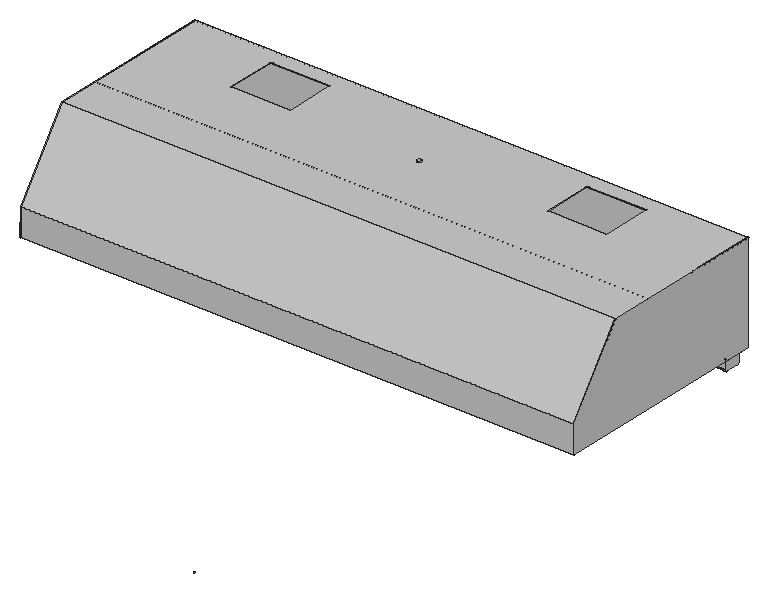
Revit family "QF_ELECTROLUXPROFESSIONAL_644237_ABPV1128DT", category Attrezzature speciali, Revit 2021
Family settings
  Quota connettore circolare = Usa diametro
  Tipo di parte = Normale
  Basato su piano di lavoro = No
  Sempre verticale = Sì
  Taglio con vuoti quando caricato = No
  Condiviso = No
  Punto di calcolo locali = No
Parameters (values of type "Standard")
  Weight = 100.00 kg
  Watts = 840 W
  Volts = 220 V
  URL Manufacturer = "https://www.electroluxprofessional.com/"
  URL = "https://www.electroluxprofessional.com/"
  Steam Supply Size = 0 mm
  Steam Supply Minimum Pressure = 0.0 Pa
  Steam Supply Maximum Pressure = 0.0 Pa
  Steam Consumption per Hour = 0
  Refrigeration Suction Line Size = 0 mm
  Refrigeration Liquid Line Size = 0 mm
  Refrigerant Compressor Remote = yes
  Prospetto di default = 0 mm
  Produttore = "Electrolux Professional"
  Phase = 1
  Modello = "ABPV1128DT"
  Length Actual = 2800 mm  # constant formula
  Item Number = "644237"
  Hot Water Size = 0 mm
  Height Actual = 500 mm  # constant formula
  HP = "1.1 HP"
  Gas Size = 0 mm
  Gas KW = 0
  Gas Input Pressure = 0 W
  Direct Waste Size = 0 mm
  Descrizione = "304 S/S WALL HOOD+FILTER+FAN 2800X1100MM"
  Depth Actual = 1100 mm  # constant formula
  Cycle = 50 Hz
  Condensate Return Size = 0 mm
  Compressed Air Volume = 0.0 L/s
  Compressed Air Size = 0 mm
  Compressed Air Pressure = 0.0 Pa
  Cold Water Size = 0 mm
  Accessory = yes
Reference planes
  plane 1 "Center (Front/Back)": y = 0
  plane 2: z = 0
  plane 3 "Center (Left/Right)": x = 150
  plane 4 "LEFT": x = -1250
  plane 5 "RIGHT": x = 1550
  plane 6 "BACK": y = 550
  plane 7 "FRONT": y = -550
  plane 8 "TOP": z = 2500
  plane 9 "Base": z = 2000
  plane 10: z = 1926
  plane 11 "DrainY": y = 485
  plane 12: x = -1247
  plane 13: through (0, 414.509, 2000.8) normal (0, 0.7314, 0.682)
  plane 14: y = 470
  plane 15: y = 220
  plane 16 "DrainX": x = 1430
  plane 17: x = -500
  plane 18: x = 800
  plane 19: x = -800
  plane 20: x = 1100
  plane 21: x = 1547
  plane 22: x = 1340
  plane 23: x = 1520
  plane 24: x = -1210
  plane 25: x = -845
  plane 26: x = -450
  plane 27: x = 1510
  plane 28: x = 1145
  plane 29: x = 750
  plane 30: z = 2140
  plane 31: y = -290
Forms (mm)
  Extrusion 1, solid, material "QF_Finishes_Stainless Steel"
    sketch origin (-1250, 0, 360) x (0, 1, 0) y (0, 0, 1)
      loop
        line (550, 1640) -> (550, 2140) -> (-290, 2140) -> (-550, 1780) -> (-550, 1640) -> (550, 1640)
    from 0 to 3
  Extrusion 2, solid, material "QF_Finishes_Stainless Steel"
    sketch origin (150, 0, 360) x (0, 1, 0) y (0, 0, 1)
      loop
        line (415.255, 1640) -> (550, 1640) -> (550, 2139.19) -> (549.2, 2139.19) -> (549.2, 1640.8) -> (415.876, 1640.8) -> (339.347, 1722.867) -> (349.609, 1732.436) -> (348.927, 1733.167) -> (337.934, 1722.917) -> (415.255, 1640)
      loop
        line (-82.203, 2139.19) -> (-82.203, 2118.6) -> (-31.047, 2118.6) -> (34.354, 2048.466) -> (46.028, 2059.352) -> (45.346, 2060.083) -> (34.403, 2049.879) -> (-30.612, 2119.6) -> (-81.203, 2119.6) -> (-81.203, 2139.19) -> (-82.203, 2139.19)
    from -1397 to 1397
  Extrusion 3, solid, material "QF_Finishes_Stainless Steel"
    sketch origin (1550, 0, 360) x (0, 1, 0) y (0, 0, 1)
      loop
        line (550, 1640) -> (550, 2140) -> (-290, 2140) -> (-550, 1780) -> (-550, 1640) -> (550, 1640)
    from 0 to -3
  Extrusion 4, solid, material "QF_Finishes_Stainless Steel"
    sketch origin (150, 0, 360) x (0, 1, 0) y (0, 0, 1)
      loop
        line (550, 2139.19) -> (550, 2140) -> (-290, 2140) -> (-550, 1780) -> (-550, 1640) -> (-549.2, 1640) -> (-549.2, 1779.741) -> (-289.598, 2139.19) -> (550, 2139.19)
    from -1400 to 1400
  Extrusion 5, solid, material "QF_Finishes_Stainless Steel"
    sketch origin (150, 0, 360) x (0, 1, 0) y (0, 0, 1)
      loop
        line (534, 1640) -> (436, 1640) -> (436, 1627) -> (443.5, 1627) -> (443.5, 1576)
        arc (443.5, 1576) -> (446.429, 1568.929) -> (453.5, 1566) r 10
        line (453.5, 1566) -> (516.5, 1566)
        arc (516.5, 1566) -> (523.571, 1568.929) -> (526.5, 1576) r 10
        line (526.5, 1576) -> (526.5, 1627) -> (534, 1627) -> (534, 1640)
    from 1190 to 1370
  Extrusion 6, solid, material "QF_Finishes_Stainless Steel"
    sketch origin (0, 0, 2000) x (0, 1, 0) y (-1, 0, 0)
      loop
        circle (485, -1430) r 20
    from -76 to -74
  Extrusion 7, solid, material "QF_Finished_Chrome"
    sketch origin (150, 0, 360) x (0, 1, 0) y (0, 0, 1)
      loop
        line (337.934, 1722.917) -> (341.591, 1726.327) -> (38.011, 2051.876) -> (34.354, 2048.466) -> (337.934, 1722.917)
    from -995 to -1360
  Extrusion 8, solid, material "QF_Finished_Chrome"
    sketch origin (150, 0, 360) x (0, 1, 0) y (0, 0, 1)
      loop
        line (337.934, 1722.917) -> (341.591, 1726.327) -> (38.011, 2051.876) -> (34.354, 2048.466) -> (337.934, 1722.917)
    from 600 to -600
  Extrusion 9, solid, material "QF_Finishes_Stainless Steel"
    sketch origin (150, 0, 360) x (0, 1, 0) y (0, 0, 1)
      loop
        line (337.934, 1722.917) -> (341.591, 1726.327) -> (38.011, 2051.876) -> (34.354, 2048.466) -> (337.934, 1722.917)
    from 1397 to 1360
  Extrusion 10, solid, material "QF_Finishes_Stainless Steel"
    sketch origin (150, 0, 360) x (0, 1, 0) y (0, 0, 1)
      loop
        line (341.588, 1726.324) -> (38.009, 2051.874) -> (34.354, 2048.466) -> (337.934, 1722.917) -> (341.588, 1726.324)
    from -995 to -600
  Extrusion 11, solid, material "QF_Finished_Chrome"
    sketch origin (150, 0, 360) x (0, 1, 0) y (0, 0, 1)
      loop
        line (341.588, 1726.324) -> (38.009, 2051.874) -> (34.354, 2048.466) -> (337.934, 1722.917) -> (341.588, 1726.324)
    from 995 to 1360
  Extrusion 12, void
    sketch origin (0, 0, 2500) x (0, 1, 0) y (-1, 0, 0)
      loop
        line (470, 800) -> (220, 800) -> (220, 500) -> (470, 500) -> (470, 800)
    from 0 to -10
  Extrusion 13, void
    sketch origin (940, 0, 2500) x (0, 1, 0) y (-1, 0, 0)
      loop
        line (470, 140) -> (220, 140) -> (220, -160) -> (470, -160) -> (470, 140)
    from 0 to -10
  Extrusion 14, solid, material "QF_Finishes_Stainless Steel"
    sketch origin (0, 0, 0) x (1, 0, 0) y (0, 1, 0)
      loop
        line (-1250, 550) -> (-1250, 549) -> (-1249, 549) -> (-1249, 550) -> (-1250, 550)
    from 0 to 1
  Extrusion 15, solid, material "QF_Finishes_Stainless Steel"
    sketch origin (150, 0, 360) x (0, 1, 0) y (0, 0, 1)
      loop
        line (337.934, 1722.917) -> (341.591, 1726.327) -> (38.011, 2051.876) -> (34.354, 2048.466) -> (337.934, 1722.917)
    from -1360 to -1397
  Extrusion 16, solid, material "QF_Finishes_Stainless Steel"
    sketch origin (150, 0, 360) x (0, 1, 0) y (0, 0, -1)
      loop
        line (341.588, -1726.324) -> (337.934, -1722.917) -> (34.354, -2048.466) -> (38.009, -2051.874) -> (341.588, -1726.324)
    from -995 to -600
  Extrusion 17, solid, material "QF_Finishes_Stainless Steel"
    sketch origin (0, 0, 2500) x (0, 1, 0) y (-1, 0, 0)
      loop
        circle (220, -150) r 10
    from 0 to 1.6
Cuts and joins
  Extrusion 12, Extrusion 13 cuts Extrusion 4
  joined: Extrusion 2, Extrusion 4
Lines and regions (mm)
  reference lines
    curve 1: line (150, 34.354, 2408.466) -> (150, 34.354, 2248.466)
  symbolic lines, style "SpecialityEquipment", detail levels coarse
    curve 2: line (1550, 550, 2500) -> (-1250, 550, 2500)
    curve 3: line (-1250, 550, 2500) -> (-1250, -550, 2500)
    curve 4: line (1550, -550, 2500) -> (1550, 550, 2500)
    curve 5: line (-1250, -550, 2500) -> (1550, -550, 2500)
    curve 6: line (-800, 220, 2500) -> (-500, 220, 2500)
    curve 7: line (-800, 470, 2500) -> (-800, 220, 2500)
    curve 8: line (-500, 470, 2500) -> (-800, 470, 2500)
    curve 9: line (-500, 220, 2500) -> (-500, 470, 2500)
    curve 10: line (800, 470, 2500) -> (800, 220, 2500)
    curve 11: line (800, 220, 2500) -> (1100, 220, 2500)
    curve 12: line (1100, 470, 2500) -> (800, 470, 2500)
    curve 13: line (1100, 220, 2500) -> (1100, 470, 2500)
    curve 14: line (-1250, -290, 0) -> (1550, -290, 0)
    curve 15: line (-1250, 550, 0) -> (1550, -290, 0)
    curve 16: line (1550, 550, 0) -> (-1250, -290, 0)
Dimensions and locks
  plane 4 "LEFT" to plane 5 "RIGHT" = 2800 mm
  equal spacing: plane 4 "LEFT", plane 3 "Center (Left/Right)", plane 5 "RIGHT"
  locked: plane 8 "TOP" to plane 9 "Base" at 500
  plane 9 "Base" to plane 10 = 74 mm
  plane 6 "BACK" to plane 11 "DrainY" = 65 mm  (x2)
  plane 4 "LEFT" to plane 12 = 3 mm
  plane 6 "BACK" to plane 14 = 80 mm
  plane 14 to plane 15 = 250 mm  (x2)
  plane 16 "DrainX" to plane 5 "RIGHT" = 120 mm
  locked: plane 17 to plane 18 at 1300
  equal spacing: plane 17, plane 3 "Center (Left/Right)", plane 18
  plane 19 to plane 17 = 300 mm
  plane 18 to plane 20 = 300 mm
  plane 21 to plane 5 "RIGHT" = 3 mm
  locked: plane 22 to plane 16 "DrainX" at 90
  locked: plane 16 "DrainX" to plane 23 at 90
  plane 6 "BACK" to plane 7 "FRONT" = 1100 mm  (x2)
  equal spacing: plane 6 "BACK", plane 1 "Center (Front/Back)", plane 7 "FRONT"
  plane 15 to plane 7 "FRONT" = 770 mm
  plane 14 to plane 6 "BACK" = 80 mm
  locked: plane 4 "LEFT" to plane 24 at 40
  locked: plane 24 to plane 25 at 365
  locked: plane 25 to plane 26 at 395
  locked: plane 27 to plane 28 at 365
  locked: plane 28 to plane 29 at 395
  locked: plane 27 to plane 5 "RIGHT" at 40
  plane 26 to plane 29 = 1200 mm
  plane 30 to plane 9 "Base" = 140 mm
  plane 31 to plane 7 "FRONT" = 260 mm
  locked: plane 9 "Base" to level at 2000
  aligned and locked: level to plane 2
  aligned and locked: Extrusion 2 to Extrusion 1
  aligned and locked: Extrusion 2 to Extrusion 3
  aligned and locked: plane 5 "RIGHT" to Extrusion 4
  aligned and locked: Extrusion 4 to plane 4 "LEFT"
  aligned and locked: plane 21 to Extrusion 9
  aligned and locked: plane 19 to Extrusion 12
  aligned and locked: Extrusion 12 to plane 17
  aligned and locked: Extrusion 12 to plane 15
  aligned and locked: Extrusion 12 to plane 14
  aligned and locked: Extrusion 13 to plane 20
  aligned and locked: plane 18 to Extrusion 13
  aligned and locked: plane 23 to Extrusion 5
  aligned and locked: Extrusion 5 to plane 22
  aligned and locked: Extrusion 9 to plane 27
  aligned and locked: Extrusion 11 to plane 27
  aligned and locked: Extrusion 11 to plane 28
  aligned and locked: Extrusion 8 to plane 29
  aligned and locked: Extrusion 8 to plane 26
  aligned and locked: plane 26 to Extrusion 10
  aligned and locked: Extrusion 10 to plane 25
  aligned and locked: plane 25 to Extrusion 7
  aligned and locked: Extrusion 7 to plane 24
  aligned and locked: Extrusion 15 to plane 12
  aligned and locked: plane 24 to Extrusion 15
  aligned and locked: Extrusion 16 to plane 29
  aligned and locked: Extrusion 16 to plane 28
  aligned and locked: Extrusion 3 to plane 21
Automatic sketch dimensions
  curve 5 to plane 4 "LEFT" = 0 mm
  curve 5 to plane 7 "FRONT" = 0 mm
  curve 9 to plane 15 = 0 mm
  curve 10 to plane 15 = 0 mm
  plane 14 to curve 8 = 0 mm
  plane 14 to curve 12 = 0 mm
  curve 3 to plane 6 "BACK" = 0 mm
  curve 5 to plane 5 "RIGHT" = 0 mm
  curve 11 to plane 20 = 0 mm
  curve 10 to plane 18 = 0 mm
  curve 6 to plane 17 = 0 mm
  curve 6 to plane 19 = 0 mm
  Extrusion 2 sketch curve to plane 13 = 0 mm  (x3)
  Extrusion 2 sketch curve to plane 9 "Base" = 0 mm
  plane 13 to Extrusion 2 sketch curve = 0 mm
  Extrusion 2 sketch curve to plane 6 "BACK" = 0 mm
  Extrusion 2 sketch curve to Extrusion 2 sketch curve = 65.646 mm
  Extrusion 2 sketch curve to Extrusion 2 sketch curve = 0.682 mm  (x2)
  Extrusion 2 sketch curve to Extrusion 2 sketch curve = 10.261 mm
  plane 9 "Base" to Extrusion 2 sketch curve = 82.917 mm
  Extrusion 2 sketch curve to plane 1 "Center (Front/Back)" = 46.028 mm
  Extrusion 2 sketch curve to Extrusion 2 sketch curve = 10.942 mm
  Extrusion 2 sketch curve to Extrusion 2 sketch curve = 0.049 mm
  Extrusion 2 sketch curve to plane 8 "TOP" = 20.4 mm
  Extrusion 2 sketch curve to plane 8 "TOP" = 21.4 mm
  Extrusion 2 sketch curve to plane 8 "TOP" = 0.81 mm  (x2)
  Extrusion 2 sketch curve to Extrusion 2 sketch curve = 50.156 mm
  Extrusion 2 sketch curve to Extrusion 2 sketch curve = 1 mm
  plane 9 "Base" to Extrusion 2 sketch curve = 0.8 mm
  Extrusion 2 sketch curve to plane 6 "BACK" = 0.8 mm
  curve 1 to plane 13 = 0 mm
  curve 1 to plane 1 "Center (Front/Back)" = 34.354 mm
  Extrusion 5 sketch curve to plane 9 "Base" = 0 mm
  Extrusion 5 sketch curve to plane 10 = 0 mm
  Extrusion 5 sketch curve to plane 9 "Base" = 13 mm  (x2)
  plane 14 to Extrusion 5 sketch curve = 34 mm
  Extrusion 5 sketch curve to Extrusion 5 sketch curve = 7.5 mm  (x2)
  Extrusion 5 sketch curve to Extrusion 5 sketch curve = 10 mm
  plane 11 "DrainY" to Extrusion 5 sketch curve = 31.5 mm
  Extrusion 5 sketch curve to plane 6 "BACK" = 23.5 mm
  Extrusion 6 sketch curve to plane 11 "DrainY" = 0 mm
  Extrusion 6 sketch curve to plane 16 "DrainX" = 0 mm
  Extrusion 7 sketch curve to plane 13 = 0 mm  (x2)
  Extrusion 7 sketch curve to plane 1 "Center (Front/Back)" = 34.354 mm
  Extrusion 7 sketch curve to Extrusion 7 sketch curve = 3.657 mm
  plane 9 "Base" to Extrusion 7 sketch curve = 82.917 mm
  Extrusion 8 sketch curve to plane 13 = 0 mm  (x2)
  Extrusion 8 sketch curve to plane 1 "Center (Front/Back)" = 34.354 mm
  Extrusion 8 sketch curve to Extrusion 8 sketch curve = 3.657 mm
  plane 9 "Base" to Extrusion 8 sketch curve = 82.917 mm
  Extrusion 9 sketch curve to plane 13 = 0 mm  (x2)
  Extrusion 9 sketch curve to plane 1 "Center (Front/Back)" = 34.354 mm
  Extrusion 9 sketch curve to Extrusion 9 sketch curve = 3.657 mm
  plane 9 "Base" to Extrusion 9 sketch curve = 82.917 mm
  Extrusion 10 sketch curve to plane 13 = 0 mm  (x2)
  Extrusion 10 sketch curve to plane 1 "Center (Front/Back)" = 34.354 mm
  Extrusion 10 sketch curve to Extrusion 10 sketch curve = 3.655 mm
  plane 9 "Base" to Extrusion 10 sketch curve = 82.917 mm
  Extrusion 11 sketch curve to plane 13 = 0 mm  (x2)
  Extrusion 11 sketch curve to plane 1 "Center (Front/Back)" = 34.354 mm
  Extrusion 11 sketch curve to Extrusion 11 sketch curve = 3.655 mm
  plane 9 "Base" to Extrusion 11 sketch curve = 82.917 mm
  Extrusion 12 sketch curve to plane 15 = 0 mm
  plane 14 to Extrusion 12 sketch curve = 0 mm
  Extrusion 12 sketch curve to plane 17 = 0 mm
  Extrusion 12 sketch curve to plane 19 = 0 mm
  Extrusion 13 sketch curve to plane 15 = 0 mm
  plane 14 to Extrusion 13 sketch curve = 0 mm
  Extrusion 13 sketch curve to plane 20 = 0 mm
  Extrusion 13 sketch curve to plane 18 = 0 mm
  Extrusion 14 sketch curve to plane 4 "LEFT" = 0 mm
  Extrusion 14 sketch curve to plane 6 "BACK" = 0 mm
  plane 4 "LEFT" to Extrusion 14 sketch curve = 1 mm
  Extrusion 14 sketch curve to plane 6 "BACK" = 1 mm
  Extrusion 15 sketch curve to plane 13 = 0 mm  (x2)
  Extrusion 15 sketch curve to plane 1 "Center (Front/Back)" = 34.354 mm
  Extrusion 15 sketch curve to Extrusion 15 sketch curve = 3.657 mm
  plane 9 "Base" to Extrusion 15 sketch curve = 82.917 mm
  Extrusion 16 sketch curve to plane 13 = 0 mm  (x2)
  Extrusion 16 sketch curve to plane 1 "Center (Front/Back)" = 34.354 mm
  Extrusion 16 sketch curve to Extrusion 16 sketch curve = 3.655 mm
  plane 9 "Base" to Extrusion 16 sketch curve = 82.917 mm
  curve 1 to curve 1 = 160 mm
  Extrusion 4 sketch curve to plane 7 "FRONT" = 0 mm
  Extrusion 4 sketch curve to plane 8 "TOP" = 0 mm
  Extrusion 4 sketch curve to plane 31 = 0 mm
  Extrusion 4 sketch curve to plane 6 "BACK" = 0 mm
  Extrusion 4 sketch curve to plane 9 "Base" = 0 mm
  Extrusion 4 sketch curve to plane 30 = 0 mm
  Extrusion 4 sketch curve to plane 30 = 0.259 mm
  plane 7 "FRONT" to Extrusion 4 sketch curve = 0.8 mm
  Extrusion 4 sketch curve to Extrusion 4 sketch curve = 0.81 mm
  Extrusion 4 sketch curve to plane 31 = 0.402 mm
  Extrusion 1 sketch curve to plane 7 "FRONT" = 0 mm
  Extrusion 1 sketch curve to plane 8 "TOP" = 0 mm
  Extrusion 1 sketch curve to plane 31 = 0 mm
  Extrusion 1 sketch curve to plane 6 "BACK" = 0 mm
  Extrusion 1 sketch curve to plane 9 "Base" = 0 mm
  Extrusion 1 sketch curve to plane 30 = 0 mm
  Extrusion 3 sketch curve to plane 7 "FRONT" = 0 mm
  Extrusion 3 sketch curve to plane 8 "TOP" = 0 mm
  Extrusion 3 sketch curve to plane 31 = 0 mm
  Extrusion 3 sketch curve to plane 6 "BACK" = 0 mm
  Extrusion 3 sketch curve to plane 9 "Base" = 0 mm
  Extrusion 3 sketch curve to plane 30 = 0 mm
  curve 16 to plane 4 "LEFT" = 0 mm
  curve 15 to plane 4 "LEFT" = 0 mm
  curve 16 to plane 5 "RIGHT" = 0 mm
  curve 14 to plane 5 "RIGHT" = 0 mm
  plane 31 to curve 14 = 0 mm
  curve 16 to plane 6 "BACK" = 0 mm
  curve 15 to plane 6 "BACK" = 0 mm
  Extrusion 17 sketch curve to plane 3 "Center (Left/Right)" = 0 mm
  Extrusion 17 sketch curve to plane 15 = 0 mm
  radius of Extrusion 6 sketch curve = 20 mm
  radius of Extrusion 17 sketch curve = 10 mm
Connectors
  piping at (1430, 485, 1924), diameter 20
    settings: on Extrusion 6, index 1, connector inside diameter 609.6 mm, connector length 0 mm, flow factor 0, pipe flow 0.0 L/s, pressure drop 0.0 Pa, fitting loss kfactor 0, connector angle 0.00°, fixture units 0, engagement length 0 mm, angle of deflection 0.00°, flow configuration 1, flow direction 2, fitting loss method 0, system type 16, joint type 0, gender type 0, connector reference index -1, connector utility 0, adjustable connector no, is connector primary yes, connector description "Drain"
  hvac at (-650, 345, 2500)
    settings: on Extrusion 12, index 2, duct flow 0.0 L/s, flow factor 0, pres drop 0.0 Pa, loss coef 0, conn angle 0.00°, conn width 250 mm, conn height 300 mm, conn diameter 609.6 mm, duct sys type 3, conn prof type 1, flow config 1, flow direction 2, loss method 0, conn ref index -1, conn util no, is conn primary yes, conn desc "EXHAUST OUTLET"
  hvac at (950, 345, 2500)
    settings: on Extrusion 13, index 3, duct flow 0.0 L/s, flow factor 0, pres drop 0.0 Pa, loss coef 0, conn angle 0.00°, conn width 250 mm, conn height 300 mm, conn diameter 609.6 mm, duct sys type 3, conn prof type 1, flow config 1, flow direction 2, loss method 0, conn ref index -1, conn util no, is conn primary no, conn desc "EXHAUST OUTLET"
  electrical at (150, 220, 2501.6), driven by "Volts"
    settings: on Extrusion 17, index 4, voltage 220 V, apparent load 0 VA, apparent load phase1 0 VA, apparent load phase2 0 VA, apparent load phase3 0 VA, power factor 1, load classification "Other", number of poles 1, system type 30, power factor state 1, is connector primary yes, connector utility no, sub classification motor no, connector description "Electrical Connection"
